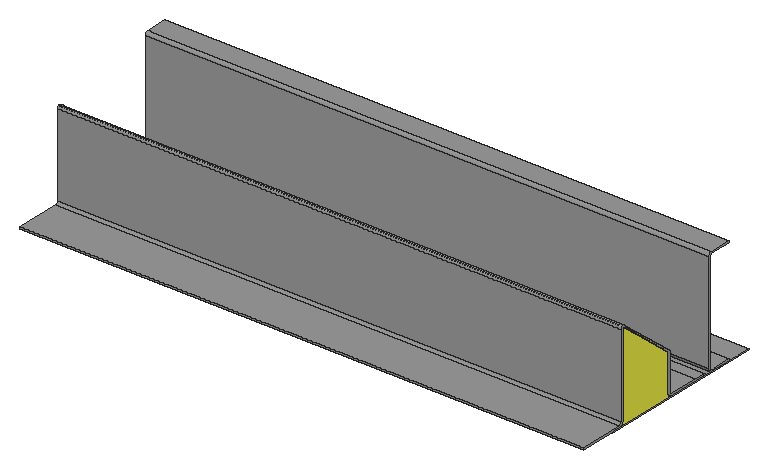
Revit family "L1 S 130 WOL 215", category Generic Models, Revit 2014
Parameters (values of type "Max lintel length 3600mm")
  URL = "http://iglintels.com/"
  Structural Opening [instance] = 900 mm
  Structural Performance = "The IG lintel range has safe working loads as detailed in each applicable loading table in the Keystone Lintel Guide brochure. The structural performance figures within each table have been ascertained by testing in accordance with the requirements of standards BS EN 5977-2: 1983 and BS EN 845-2: 2003."
  RIBA Productor Selector = "available for Keystone Lintels Ltd from Keystone Lintels Ltd from ribaproductselector.com"
  Model = "L1/S 130 WOL 215"
  Min Length = 600 mm
  Min Clear Span = 300 mm
  Max Length = 3600 mm
  Max Clear Span = 3600 mm
  Material - Stainless Steel = "Grade 304 2b 1.4307 to BS EN 10088-2. Other grades available on request: contact manufacturer."
  Material - Galvanised Steel = "To BS EN 10346: 2009. DX51D plus Z600 or grade Z275 to BS 5977-2: 1983 (BS EN 845-2: 2003)."
  Manufacturer = "IG"
  Manufactured Length [instance] = (roundup(Effective Length / 150 mm) * 150 mm)  # 1200 mm
  Lintel height [instance] = 2100 mm
  Keynote = "F30/755"
  Fire Performance = "IG lintels have been subjected to a fire test (WARRES No. 101263) in accordance with BS 476-20: 1987, at Exova Warrington Fire and achieved a one hour fire performance."
  End Bearing = 150 mm
  Effective Length [instance] = Clear Opening with MIN MAX set + End Bearing * 2  # 1200 mm
  Corrosion = "IG’s standard range of lintels are manufactured from high quality grade pre-galvanized carbon steel with a zinc coating of 600"
  Contact Tel = "01633 486 486"
  Contact Email = "info@igltd.co.uk"
  Clear Opening with MIN MAX set [instance] = if(Structural Opening < Min Clear Span, Min Clear Span, (if(Structural Opening > Max Clear Span, Max Clear Span, Structural Opening)))  # 900 mm
  CPD Information = "Available for Keystone Lintels Ltd from ribacpd.com"
Reference planes
  plane 1 "Center (Front/Back)": y = 0
  plane 2: z = 0
  plane 3 "Center (Left/Right)": x = 0
  plane 4: x = -600
  plane 5: x = 600
  plane 6: z = 2100
  plane 7: x = -450
  plane 8: x = 450
Forms (mm)
  Extrusion 1, solid, material "Steel"
    sketch origin (0, 770.704, -497.841) x (0, 1, 0) y (0, 0, 1)
      loop
        arc (-840.986, 2597.841) -> (-835.188, 2600.243) -> (-832.786, 2606.041) r 8.2
        line (-832.786, 2606.041) -> (-832.786, 2782.632)
        arc (-832.786, 2782.632) -> (-831.633, 2784.444) -> (-829.504, 2784.167) r 2
        line (-829.504, 2784.167) -> (-711.904, 2685.938)
        arc (-711.904, 2685.938) -> (-711.375, 2685.251) -> (-711.186, 2684.403) r 2
        line (-711.186, 2684.403) -> (-711.186, 2606.041)
        arc (-711.186, 2606.041) -> (-708.784, 2600.243) -> (-702.986, 2597.841) r 8.2
        line (-702.986, 2597.841) -> (-638.044, 2597.841) -> (-612.986, 2597.841) -> (-612.986, 2601.041) -> (-637.986, 2601.041) -> (-702.986, 2601.041)
        arc (-702.986, 2601.041) -> (-706.522, 2602.506) -> (-707.986, 2606.041) r 5
        line (-707.986, 2606.041) -> (-707.986, 2684.403)
        arc (-707.986, 2684.403) -> (-708.476, 2686.606) -> (-709.853, 2688.394) r 5.2
        line (-709.853, 2688.394) -> (-827.453, 2786.623)
        arc (-827.453, 2786.623) -> (-832.989, 2787.342) -> (-835.986, 2782.632) r 5.2
        line (-835.986, 2782.632) -> (-835.986, 2606.041)
        arc (-835.986, 2606.041) -> (-837.451, 2602.506) -> (-840.986, 2601.041) r 5
        line (-840.986, 2601.041) -> (-935.986, 2601.041) -> (-935.986, 2597.841) -> (-840.986, 2597.841)
    from -600 to 600
  Extrusion 2, solid, material "Steel"
    sketch origin (0, 770.704, -497.841) x (0, 1, 0) y (0, 0, 1)
      loop
        line (-550.986, 2597.841) -> (-550.986, 2601.041) -> (-595.986, 2601.041)
        arc (-595.986, 2601.041) -> (-598.673, 2602.154) -> (-599.786, 2604.841) r 3.8
        line (-599.786, 2604.841) -> (-599.786, 2817.641)
        arc (-599.786, 2817.641) -> (-598.322, 2821.177) -> (-594.786, 2822.641) r 5
        line (-594.786, 2822.641) -> (-550.986, 2822.641) -> (-550.986, 2825.841) -> (-595.986, 2825.841)
        arc (-595.986, 2825.841) -> (-600.936, 2823.791) -> (-602.986, 2818.841) r 7
        line (-602.986, 2818.841) -> (-602.986, 2604.841)
        arc (-602.986, 2604.841) -> (-600.936, 2599.891) -> (-595.986, 2597.841) r 7
        line (-595.986, 2597.841) -> (-550.986, 2597.841)
    from -600 to 600
  Extrusion 3, solid, material "Steel"
    sketch origin (0, 770.704, -497.841) x (0, 1, 0) y (0, 0, 1)
      loop
        line (-497.986, 2594.641) -> (-497.986, 2597.841) -> (-857.986, 2597.841) -> (-857.986, 2594.641) -> (-497.986, 2594.641)
    from -600 to 600
  Extrusion 4, solid, material "Insulation"
    sketch origin (0, 770.704, -497.841) x (0, 1, 0) y (0, 0, 1)
      loop
        line (-840.986, 2597.841) -> (-702.986, 2597.841)
        arc (-702.986, 2597.841) -> (-708.784, 2600.243) -> (-711.186, 2606.041) r 8.2
        line (-711.186, 2606.041) -> (-711.186, 2684.403)
        arc (-711.186, 2684.403) -> (-711.375, 2685.251) -> (-711.904, 2685.938) r 2
        line (-711.904, 2685.938) -> (-829.504, 2784.167)
        arc (-829.504, 2784.167) -> (-831.633, 2784.444) -> (-832.786, 2782.632) r 2
        line (-832.786, 2782.632) -> (-832.786, 2606.041)
        arc (-832.786, 2606.041) -> (-835.188, 2600.243) -> (-840.986, 2597.841) r 8.2
    from -600 to 600
  Extrusion 5, solid, not visible
    sketch origin (0, 922.354, 1304.755) x (0, 1, 0) y (0, 0, 1)
      loop
        line (-550.986, 997.841) -> (-550.986, 1001.041) -> (-595.986, 1001.041)
        arc (-595.986, 1001.041) -> (-598.673, 1002.154) -> (-599.786, 1004.841) r 3.8
        line (-599.786, 1004.841) -> (-599.786, 1217.641)
        arc (-599.786, 1217.641) -> (-598.322, 1221.177) -> (-594.786, 1222.641) r 5
        line (-594.786, 1222.641) -> (-550.986, 1222.641) -> (-550.986, 1225.841) -> (-595.986, 1225.841)
        arc (-595.986, 1225.841) -> (-600.936, 1223.791) -> (-602.986, 1218.841) r 7
        line (-602.986, 1218.841) -> (-602.986, 1004.841)
        arc (-602.986, 1004.841) -> (-600.936, 999.891) -> (-595.986, 997.841) r 7
        line (-595.986, 997.841) -> (-550.986, 997.841)
    from 0 to 250
  Extrusion 6, solid, not visible
    sketch origin (0, 521.718, 1256.924) x (0, 1, 0) y (0, 0, 1)
      loop
        arc (-840.986, 997.841) -> (-835.188, 1000.243) -> (-832.786, 1006.041) r 8.2
        line (-832.786, 1006.041) -> (-832.786, 1182.632)
        arc (-832.786, 1182.632) -> (-831.633, 1184.444) -> (-829.504, 1184.167) r 2
        line (-829.504, 1184.167) -> (-711.904, 1085.938)
        arc (-711.904, 1085.938) -> (-711.375, 1085.251) -> (-711.186, 1084.403) r 2
        line (-711.186, 1084.403) -> (-711.186, 1006.041)
        arc (-711.186, 1006.041) -> (-708.784, 1000.243) -> (-702.986, 997.841) r 8.2
        line (-702.986, 997.841) -> (-638.044, 997.841) -> (-612.986, 997.841) -> (-612.986, 1001.041) -> (-637.986, 1001.041) -> (-702.986, 1001.041)
        arc (-702.986, 1001.041) -> (-706.522, 1002.506) -> (-707.986, 1006.041) r 5
        line (-707.986, 1006.041) -> (-707.986, 1084.403)
        arc (-707.986, 1084.403) -> (-708.476, 1086.606) -> (-709.853, 1088.394) r 5.2
        line (-709.853, 1088.394) -> (-827.453, 1186.623)
        arc (-827.453, 1186.623) -> (-832.989, 1187.342) -> (-835.986, 1182.632) r 5.2
        line (-835.986, 1182.632) -> (-835.986, 1006.041)
        arc (-835.986, 1006.041) -> (-837.451, 1002.506) -> (-840.986, 1001.041) r 5
        line (-840.986, 1001.041) -> (-935.986, 1001.041) -> (-935.986, 997.841) -> (-840.986, 997.841)
    from 0 to 250
  Extrusion 7, solid, not visible
    sketch origin (0, 1081.674, 1015.212) x (0, 1, 0) y (0, 0, 1)
      loop
        line (-497.986, 994.641) -> (-497.986, 997.841) -> (-857.986, 997.841) -> (-857.986, 994.641) -> (-497.986, 994.641)
    from 0 to 250
  Extrusion 8, solid, not visible
    sketch origin (0, 625.581, 819.995) x (0, 1, 0) y (0, 0, 1)
      loop
        line (-840.986, 997.841) -> (-702.986, 997.841)
        arc (-702.986, 997.841) -> (-708.784, 1000.243) -> (-711.186, 1006.041) r 8.2
        line (-711.186, 1006.041) -> (-711.186, 1084.403)
        arc (-711.186, 1084.403) -> (-711.375, 1085.251) -> (-711.904, 1085.938) r 2
        line (-711.904, 1085.938) -> (-829.504, 1184.167)
        arc (-829.504, 1184.167) -> (-831.633, 1184.444) -> (-832.786, 1182.632) r 2
        line (-832.786, 1182.632) -> (-832.786, 1006.041)
        arc (-832.786, 1006.041) -> (-835.188, 1000.243) -> (-840.986, 997.841) r 8.2
    from 0 to 250
Dimensions and locks
  equal spacing: plane 4, plane 3 "Center (Left/Right)", plane 5
  "Manufactured Length": plane 4 to plane 5
  "Lintel height": plane 6 to level
  "Structural Opening": plane 7 to plane 8
  equal spacing: plane 7, plane 3 "Center (Left/Right)", plane 8
  aligned and locked: level to plane 2
  aligned and locked: Extrusion 1 to plane 6
  aligned and locked: Extrusion 4 to plane 6
  aligned and locked: Extrusion 2 to plane 6
  aligned and locked: plane 6 to Extrusion 3
  aligned and locked: plane 5 to Extrusion 1
  aligned and locked: Extrusion 1 to plane 4
  aligned and locked: plane 5 to Extrusion 2
  aligned and locked: Extrusion 2 to plane 4
  aligned and locked: plane 5 to Extrusion 4
  aligned and locked: Extrusion 4 to plane 4
  aligned and locked: plane 5 to Extrusion 3
  aligned and locked: Extrusion 3 to plane 4
Automatic sketch dimensions
  Extrusion 1 sketch curve to Extrusion 1 sketch curve = 95 mm
  Extrusion 1 sketch curve to Extrusion 1 sketch curve = 3.2 mm
  Extrusion 1 sketch curve to Extrusion 1 sketch curve = 5 mm  (x2)
  Extrusion 1 sketch curve to Extrusion 1 sketch curve = 176.591 mm
  Extrusion 1 sketch curve to Extrusion 1 sketch curve = 0 mm  (x16)
  Extrusion 1 sketch curve to Extrusion 1 sketch curve = 2 mm
  Extrusion 1 sketch curve to Extrusion 1 sketch curve = 1.282 mm  (x2)
  Extrusion 1 sketch curve to Extrusion 1 sketch curve = 2.051 mm  (x2)
  Extrusion 1 sketch curve to Extrusion 1 sketch curve = 122.934 mm
  Extrusion 1 sketch curve to Extrusion 1 sketch curve = 82.353 mm
  Extrusion 1 sketch curve to Extrusion 1 sketch curve = 2.456 mm
  Extrusion 1 sketch curve to Extrusion 1 sketch curve = 1.535 mm
  Extrusion 1 sketch curve to Extrusion 1 sketch curve = 78.362 mm
  Extrusion 1 sketch curve to Extrusion 1 sketch curve = 65 mm
  Extrusion 1 sketch curve to Extrusion 1 sketch curve = 0.058 mm
  Extrusion 1 sketch curve to Extrusion 1 sketch curve = 25.058 mm
  Extrusion 2 sketch curve to Extrusion 2 sketch curve = 7 mm
  Extrusion 2 sketch curve to Extrusion 2 sketch curve = 45 mm
  Extrusion 2 sketch curve to Extrusion 2 sketch curve = 3.2 mm
  Extrusion 2 sketch curve to Extrusion 2 sketch curve = 0 mm  (x4)
  Extrusion 2 sketch curve to Extrusion 2 sketch curve = 212.8 mm
  Extrusion 2 sketch curve to Extrusion 2 sketch curve = 1.2 mm  (x2)
  Extrusion 2 sketch curve to Extrusion 2 sketch curve = 5 mm
  Extrusion 2 sketch curve to Extrusion 2 sketch curve = 43.8 mm
  Extrusion 3 sketch curve to Extrusion 3 sketch curve = 360 mm
  Extrusion 3 sketch curve to Extrusion 3 sketch curve = 3.2 mm
  Extrusion 4 sketch curve to Extrusion 4 sketch curve = 8.2 mm  (x2)
  Extrusion 4 sketch curve to Extrusion 4 sketch curve = 129.8 mm
  Extrusion 4 sketch curve to Extrusion 4 sketch curve = 0 mm  (x4)
  Extrusion 4 sketch curve to Extrusion 4 sketch curve = 78.362 mm
  Extrusion 4 sketch curve to Extrusion 4 sketch curve = 98.229 mm
  Extrusion 4 sketch curve to Extrusion 4 sketch curve = 2 mm
  Extrusion 4 sketch curve to Extrusion 4 sketch curve = 0.718 mm
  Extrusion 4 sketch curve to Extrusion 4 sketch curve = 3.282 mm
  Extrusion 4 sketch curve to Extrusion 4 sketch curve = 1.535 mm
  Extrusion 5 sketch curve to Extrusion 5 sketch curve = 7 mm
  Extrusion 5 sketch curve to Extrusion 5 sketch curve = 45 mm
  Extrusion 5 sketch curve to Extrusion 5 sketch curve = 3.2 mm
  Extrusion 5 sketch curve to Extrusion 5 sketch curve = 0 mm  (x4)
  Extrusion 5 sketch curve to Extrusion 5 sketch curve = 212.8 mm
  Extrusion 5 sketch curve to Extrusion 5 sketch curve = 1.2 mm  (x2)
  Extrusion 5 sketch curve to Extrusion 5 sketch curve = 5 mm
  Extrusion 5 sketch curve to Extrusion 5 sketch curve = 43.8 mm
  Extrusion 6 sketch curve to Extrusion 6 sketch curve = 95 mm
  Extrusion 6 sketch curve to Extrusion 6 sketch curve = 3.2 mm
  Extrusion 6 sketch curve to Extrusion 6 sketch curve = 5 mm  (x2)
  Extrusion 6 sketch curve to Extrusion 6 sketch curve = 0 mm  (x16)
  Extrusion 6 sketch curve to Extrusion 6 sketch curve = 176.591 mm
  Extrusion 6 sketch curve to Extrusion 6 sketch curve = 2 mm
  Extrusion 6 sketch curve to Extrusion 6 sketch curve = 1.282 mm  (x2)
  Extrusion 6 sketch curve to Extrusion 6 sketch curve = 2.051 mm  (x2)
  Extrusion 6 sketch curve to Extrusion 6 sketch curve = 122.934 mm
  Extrusion 6 sketch curve to Extrusion 6 sketch curve = 82.353 mm
  Extrusion 6 sketch curve to Extrusion 6 sketch curve = 2.456 mm
  Extrusion 6 sketch curve to Extrusion 6 sketch curve = 1.535 mm
  Extrusion 6 sketch curve to Extrusion 6 sketch curve = 78.362 mm
  Extrusion 6 sketch curve to Extrusion 6 sketch curve = 65 mm
  Extrusion 6 sketch curve to Extrusion 6 sketch curve = 0.058 mm
  Extrusion 6 sketch curve to Extrusion 6 sketch curve = 25.058 mm
  Extrusion 7 sketch curve to Extrusion 7 sketch curve = 360 mm
  Extrusion 7 sketch curve to Extrusion 7 sketch curve = 3.2 mm
  Extrusion 8 sketch curve to Extrusion 8 sketch curve = 8.2 mm  (x2)
  Extrusion 8 sketch curve to Extrusion 8 sketch curve = 129.8 mm
  Extrusion 8 sketch curve to Extrusion 8 sketch curve = 0 mm  (x4)
  Extrusion 8 sketch curve to Extrusion 8 sketch curve = 78.362 mm
  Extrusion 8 sketch curve to Extrusion 8 sketch curve = 98.229 mm
  Extrusion 8 sketch curve to Extrusion 8 sketch curve = 2 mm
  Extrusion 8 sketch curve to Extrusion 8 sketch curve = 0.718 mm
  Extrusion 8 sketch curve to Extrusion 8 sketch curve = 3.282 mm
  Extrusion 8 sketch curve to Extrusion 8 sketch curve = 1.535 mm
  Extrusion 4 sketch curve to plane 6 = 0 mm
  plane 1 "Center (Front/Back)" to Extrusion 4 sketch curve = 70.282 mm
  Extrusion 1 sketch curve to plane 6 = 0 mm
  plane 1 "Center (Front/Back)" to Extrusion 1 sketch curve = 165.282 mm
  Extrusion 2 sketch curve to plane 6 = 0 mm
  Extrusion 2 sketch curve to plane 1 "Center (Front/Back)" = 167.718 mm
  Extrusion 3 sketch curve to plane 6 = 0 mm
  plane 1 "Center (Front/Back)" to Extrusion 3 sketch curve = 87.282 mm
